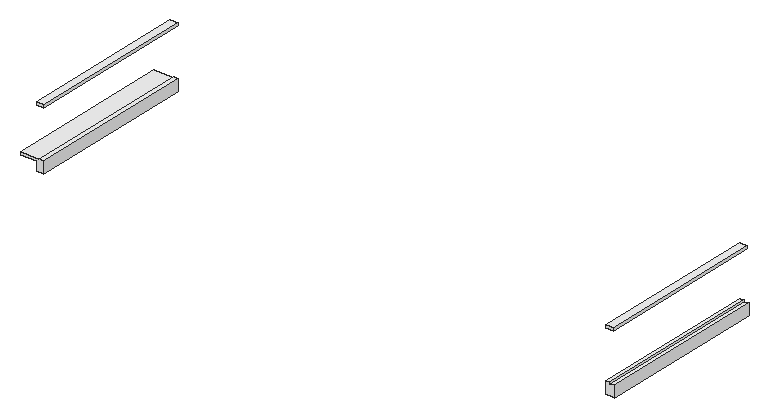
Revit family "CT_Bloco_F_Perfil", category Structural Framing, Revit 2025
Family settings
  Display in Hidden Views = Edges Hidden by Other Members
  Structural Framing Length Roundoff = 0.000 m
  Section Shape = Not Defined
  Material for Model Behavior = Concrete
  Always export as geometry = No
  Work Plane-Based = No
  Always vertical = Yes
  Cut with Voids When Loaded = Yes
  Symbolic Representation = From Family
  Shared = No
  Show family pre-cut in plan views = Yes
Parameters
  Structural Material [instance] = CT_Concreto
  Material_Viga_Janela [instance] = CT_Concreto
  Comprimento [instance] = 7.500 m
Reference planes (m)
  plane 1 "Centro (Frente/Trás)": y = 0
  plane 2: z = 0
  plane 3 "Centro (Esquerda/Direita)": x = 0
  plane 4: x = -15.9999
  plane 5: x = 9.1749
  plane 6: x = -5.2749
  plane 7: x = -2.2249
  plane 8: z = 4.76
  plane 9: z = 9.16
Forms (m)
  Extrusion 1, solid, material "CT_Concreto" <- "Structural Material"
    sketch origin (0, 0, 0.06) x (1, 0, 0) y (0, 0, 1)
      loop
        line (-15.9999, 4.7) -> (-16.1999, 4.7) -> (-16.1999, 4.65) -> (-17.0749, 4.65) -> (-17.0749, 4.55) -> (-16.3499, 4.55) -> (-16.3499, 4.19) -> (-16.3499, 4.15) -> (-15.9999, 4.15) -> (-15.9999, 4.7)
      loop
        line (9.5749, 4.15) -> (9.5749, 4.65) -> (9.3749, 4.65) -> (9.3749, 4.7) -> (9.1749, 4.7) -> (9.1749, 4.15) -> (9.5749, 4.15)
    from 0 to 7.5
  Extrusion 2, solid, material "CT_Concreto" <- "Material_Viga_Janela"
    sketch origin (0, 0, 0.06) x (1, 0, 0) y (0, 0, 1)
      loop
        line (-15.9999, 6.92) -> (-16.3499, 6.92) -> (-16.3499, 6.82) -> (-15.9999, 6.82) -> (-15.9999, 6.92)
      loop
        line (9.5249, 6.92) -> (9.1749, 6.92) -> (9.1749, 6.82) -> (9.5249, 6.82) -> (9.5249, 6.92)
    from 0 to 7.5
Dimensions and locks (m)
  "Comprimento": Extrusion 1 to Extrusion 1
  locked: plane 5 to plane 4 at 25.1748
  locked: plane 8 to level at 4.76
  locked: plane 9 to plane 8 at 4.4
  aligned and locked: level to plane 2
  aligned and locked: Extrusion 2 to Extrusion 1  (x3)
  aligned and locked: Extrusion 1 to Extrusion 2
Automatic sketch dimensions
  level to Extrusion 1 sketch curve = 4.610 m
  Extrusion 1 sketch curve to plane 3 "Centro (Esquerda/Direita)" = 17.0749 m
  Extrusion 1 sketch curve to Extrusion 1 sketch curve = 0.725 m
  Extrusion 1 sketch curve to Extrusion 1 sketch curve = 0.150 m
  Extrusion 1 sketch curve to Extrusion 1 sketch curve = 0.200 m  (x2)
  plane 3 "Centro (Esquerda/Direita)" to Extrusion 1 sketch curve = 9.1749 m
  Extrusion 1 sketch curve to Extrusion 1 sketch curve = 0.400 m
  Extrusion 1 sketch curve to Extrusion 1 sketch curve = 0.360 m
  level to Extrusion 1 sketch curve = 4.210 m
  Extrusion 1 sketch curve to Extrusion 1 sketch curve = 0.040 m
  Extrusion 1 sketch curve to Extrusion 1 sketch curve = 0.100 m
  Extrusion 1 sketch curve to Extrusion 1 sketch curve = 0.500 m
  Extrusion 1 sketch curve to Extrusion 1 sketch curve = 0.050 m  (x2)
  Extrusion 2 sketch curve to Extrusion 2 sketch curve = 0.350 m  (x2)
  Extrusion 2 sketch curve to Extrusion 2 sketch curve = 0.100 m  (x2)
  level to Extrusion 2 sketch curve = 6.980 m
  Extrusion 2 sketch curve to plane 3 "Centro (Esquerda/Direita)" = 15.9999 m
  plane 3 "Centro (Esquerda/Direita)" to Extrusion 2 sketch curve = 9.1749 m
  level to Extrusion 2 sketch curve = 6.880 m
